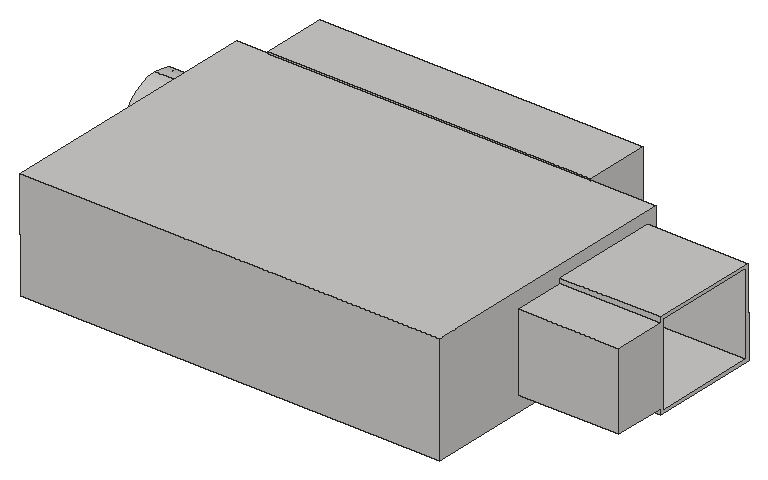
Revit family
Parameters
  Width = 2' - 2"
  Voltage = 208 V
  Unit Weight = "136.0 lbs"
  URL = "http://www.titus-hvac.com/"
  UL = "181"
  Supply Air Flow [instance] = 0 CFM
  Primary Air Pressure Drop [instance] = 0.00 in-wg
  Primary Air Flow [instance] = 0 CFM
  Plenum Air Pressure Drop [instance] = 0.00 in-wg
  Plenum Air Flow [instance] = 0 CFM
  Outlet Width = 0' - 10 1/2"
  Outlet Vertical Offset = 0' - 2 1/4"
  Outlet Horizontal Offset = 0' - 1 1/16"
  Outlet Height = 0' - 8 3/8"
  Number of Poles = 2
  Nominal Width = Width + 0' 6 1/4"  # 2' - 8 1/4"
  Nominal Length = Length + 0' 3 3/8" + 0' 9 3/4"  # 4' - 5 3/8"
  Nominal Inlet Size = 0' - 8"
  Nominal Height = 0' - 10 5/8"  # constant formula
  NFPA = "90A"
  Motor Full Load Amps [instance] = 1.6 A
  Model = "DFLS"
  Min. Air Flow = 0 CFM
  Max. Air Flow = 900 CFM
  Material = Steel
  Manufacturer = "Titus"
  Lynergy Controlled Heater = no
  Length = 3' - 4 1/4"
  Juction Box Offset = 0' - 3"
  Inlet Diameter = Nominal Inlet Size - 0' 0 1/8"  # 0' - 7 7/8"
  Induced Air Inlet Vertical Offset = 0' - 0 5/8"
  Induced Air Inlet Horizontal Offset = 0' - 0 7/8"
  Induced Air Inlet Width = 1' - 2 5/8"
  Induced Air Inlet Height = 0' - 8 3/4"
  Induced Air Filter = no
  Height = 0' - 10 1/2"
  Heating Total Capacity [instance] = 0 Btu/h
  Half Outlet Connection Width = Outlet Width / 2  # 0' - 5 1/4"
  Half Outlet Connection Height = Outlet Height / 2  # 0' - 4 3/16"
  Half Height Start = -(Height / 2)  # -0' - 5 1/4"
  Half Height End = Height / 2  # 0' - 5 1/4"
  HP-Motor = "1/6"
  Fuse Block = no
  Frequency = 60 Hz
  Foil Face Liner = Choose Liner Option = 1  # no
  Fiber Free Liner = Choose Liner Option = 2  # no
  Electric Heat Power [instance] = 0 VA
  Duct Radius = Nominal Inlet Size / 2  # 0' - 4"
  Disconnect Switch = no
  Description = "Series Fan Powered Terminal Unit, Direct Digital Control, Pressure Independent, Low Profile"
  Connection Void Radius = Connection Radius - 0' 0 1/4"  # 0' - 3 11/16"
  Connection Radius = Inlet Diameter / 2  # 0' - 3 15/16"
  Choose Liner Option = 0
  CADworks URL = "www.CADworks.net"
  Assembly Code = "D3040100"
  Apparent Power [instance] = Electric Heat Power + Motor Full Load Amps * Voltage  # 332.8 VA
  Air Inlet Offset = 0' - 5 5/8"
  1/2" Fiberglass Liner = Choose Liner Option = 0  # yes
Reference planes (in)
  plane 1 "Center (Front/Back)": y = 0
  plane 2: z = 0
  plane 3 "Center (Left/Right)": x = 3
  plane 4: x = -17.125
  plane 5: x = 23.125
  plane 6: x = -14.125
  plane 7: x = -20.5
  plane 8 "Center (Elevation)": z = 0
  plane 9: y = -13
  plane 10: y = 13
  plane 11: y = 7.375
  plane 12: y = -12.125
  plane 13: z = 5.25
  plane 14: z = -5.25
  plane 15: x = -11.125
  plane 16: y = 19.25
  plane 17: x = 32.875
Forms (in)
  Extrusion 1, solid, material "Steel" <- "Material"
    sketch origin (0, 0, 0) x (1, 0, 0) y (0, 1, 0)
      loop
        line (-17.125, 13) -> (-17.125, -13) -> (23.125, -13) -> (23.125, 13) -> (-17.125, 13)
    from -5.25 <- "Half Height Start" to 5.25 <- "Half Height End"
  Extrusion 2, solid, material "Steel" <- "Material"
    sketch origin (4.5, 0, -4.25) x (1, 0, 0) y (0, 1, 0)
      loop
        line (-18.625, 13) -> (12.375, 13) -> (12.375, 19.25) -> (-18.625, 19.25) -> (-18.625, 13)
    from 0 to 9.625
  Extrusion 3, solid, material "Steel" <- "Material"
    sketch origin (-24.875, -5.125, 0) x (0, 0, -1) y (0, 1, 0)
      loop
        circle (0, 12.5) r 3.9375
    from 4.375 to 7.75
  Extrusion 4, void
    sketch origin (-24.875, 0, 0) x (0, 1, 0) y (0, 0, 1)
      loop
        circle (7.375, 0) r 3.6875
    from 4.375 to 13.75
  Extrusion 5, void
    sketch origin (-17.125, -13, 0) x (0, -1, 0) y (0, 0, -1)
      loop
        line (-15.5, -4.125) -> (-0.875, -4.125) -> (-0.875, 4.625) -> (-15.5, 4.625) -> (-15.5, -4.125)
    from 0 to 6
  Extrusion 6, solid, material "Steel" <- "Material"
    sketch origin (23.125, 42.625, 0) x (0, -1, 0) y (0, 0, -1)
      loop
        line (46.25, -3.6875) -> (46.25, 3.6875) -> (41.25, 3.6875) -> (41.25, 4.1875) -> (30.75, 4.1875) -> (30.75, -4.1875) -> (41.25, -4.1875) -> (41.25, -3.6875) -> (46.25, -3.6875)
      loop
        line (41, -3.9375) -> (41, 3.9375) -> (31, 3.9375) -> (31, -3.9375) -> (41, -3.9375)
    from 0 to 9.75
Cuts and joins
  Extrusion 4, Extrusion 5 cuts Extrusion 1
  Extrusion 4 cuts Extrusion 3
Dimensions and locks (in)
  "Length": plane 5 to plane 4
  equal spacing: plane 5, plane 3 "Center (Left/Right)", plane 4, locked at 20.125 each
  locked: Extrusion 2 to Extrusion 2 at 31
  "Juction Box Offset": plane 6 to plane 4
  locked: plane 4 to plane 7 at 3.375
  "Width": plane 9 to plane 10
  equal spacing: plane 9, plane 1 "Center (Front/Back)", plane 10, locked at 13 each
  locked: Extrusion 2 to Extrusion 2 at 6.25
  locked: cut or joined group of Extrusion 3, Extrusion 4 to plane 11 at 0
  locked: Extrusion 4 sketch curve to plane 11 at 0  (x2)
  "Air Inlet Offset": plane 10 to plane 11
  locked: cut or joined group of Extrusion 3, Extrusion 4 to cut or joined group of Extrusion 3, Extrusion 4 at 3.375
  "Induced Air Inlet Horizontal Offset": plane 9 to plane 12
  "Induced Air Inlet Width": Extrusion 5 sketch curve to Extrusion 5 sketch curve
  "Induced Air Inlet Height": Extrusion 5 sketch curve to Extrusion 5 sketch curve
  "Induced Air Inlet Horizontal Offset": Extrusion 5 sketch curve to plane 9
  locked: Extrusion 6 sketch curve to Extrusion 6 sketch curve at 5  (x2)
  locked: Extrusion 3 sketch curve to level at 0
  locked: Extrusion 3 sketch curve to plane 11 at 0
  locked: Extrusion 4 sketch curve to level at 0
  "Induced Air Inlet Vertical Offset": cut or joined group of Extrusion 1, Extrusion 4, Extrusion 5 to Extrusion 5 sketch curve
  locked: plane 5 to plane 17 at 9.75
  equal spacing: plane 13, level, plane 14, locked at 5.25 each
  locked: Extrusion 2 to Extrusion 2 at 9.625
  locked: plane 14 to Extrusion 2 at 1
  Extrusion 6 sketch curve to Extrusion 6 sketch curve = 0' - 7 3/8"
  equal spacing: Extrusion 6 sketch curve, level, Extrusion 6 sketch curve, locked at 3.6875 each
  locked: Extrusion 6 sketch curve to Extrusion 6 sketch curve at 0.5  (x2)
  "Outlet Width": Extrusion 6 sketch curve to Extrusion 6 sketch curve
  locked: Extrusion 6 sketch curve to plane 10 at 1.125
  "Outlet Height": Extrusion 6 sketch curve to Extrusion 6 sketch curve
  equal spacing: Extrusion 6 sketch curve, level, Extrusion 6 sketch curve, locked at 4.1875 each
  locked: Extrusion 6 sketch curve to Extrusion 6 sketch curve at 0.25  (x4)
  "Connection Radius": radius of Extrusion 3 sketch curve
  "Connection Void Radius": radius of Extrusion 4 sketch curve
  aligned and locked: plane 13 to cut or joined group of Extrusion 1, Extrusion 4, Extrusion 5
  aligned and locked: plane 14 to cut or joined group of Extrusion 1, Extrusion 4, Extrusion 5
  aligned and locked: plane 15 to Extrusion 5
  aligned and locked: Extrusion 5 to Extrusion 4
  aligned and locked: plane 16 to Extrusion 2
  aligned and locked: plane 10 to cut or joined group of Extrusion 1, Extrusion 4, Extrusion 5
  aligned and locked: plane 4 to cut or joined group of Extrusion 1, Extrusion 4, Extrusion 5  (x3)
  aligned and locked: plane 5 to cut or joined group of Extrusion 1, Extrusion 4, Extrusion 5
  aligned and locked: plane 9 to cut or joined group of Extrusion 1, Extrusion 4, Extrusion 5
  aligned and locked: plane 12 to cut or joined group of Extrusion 1, Extrusion 4, Extrusion 5
  aligned and locked: plane 15 to cut or joined group of Extrusion 1, Extrusion 4, Extrusion 5  (x2)
  aligned and locked: plane 7 to cut or joined group of Extrusion 3, Extrusion 4  (x2)
  aligned and locked: plane 4 to cut or joined group of Extrusion 3, Extrusion 4
  aligned and locked: plane 6 to Extrusion 2
  aligned and locked: plane 10 to Extrusion 2
  aligned and locked: plane 5 to Extrusion 6
  aligned and locked: plane 17 to Extrusion 6
Automatic sketch dimensions
  Extrusion 1 sketch curve to plane 4 = 0' - 0"
  Extrusion 1 sketch curve to plane 5 = 0' - 0"
  Extrusion 1 sketch curve to plane 9 = 0' - 0"
  Extrusion 1 sketch curve to plane 10 = 0' - 0"
  Extrusion 2 sketch curve to plane 6 = 0' - 0"
  Extrusion 2 sketch curve to plane 10 = 0' - 0"
  Extrusion 2 sketch curve to plane 5 = 0' - 6 1/4"
  Extrusion 2 sketch curve to Extrusion 2 sketch curve = 0' - 6 1/4"
  Extrusion 6 sketch curve to Extrusion 6 sketch curve = 0' - 0 1/4"  (x2)
Connectors (in)
  electrical at (1.375, 19.25, 0.5625), driven by "Apparent Power", driven by "Voltage", driven by "Number of Poles"
    settings: on Extrusion 2, index 8
  hvac at (-20.5, 7.375, 0), driven by "Primary Air Flow", driven by "Duct Radius", driven by "Primary Air Pressure Drop"
    settings: on cut or joined group of Extrusion 3, Extrusion 4, index 9
  hvac at (-17.125, -4.8125, -0.25), driven by "Plenum Air Flow", driven by "Induced Air Inlet Height", driven by "Induced Air Inlet Width", driven by "Plenum Air Pressure Drop"
    settings: on cut or joined group of Extrusion 1, Extrusion 4, Extrusion 5, index 10
  hvac at (32.875, 6.625, 0), driven by "Supply Air Flow", driven by "Outlet Height", driven by "Outlet Width"
    settings: on Extrusion 6, index 13
